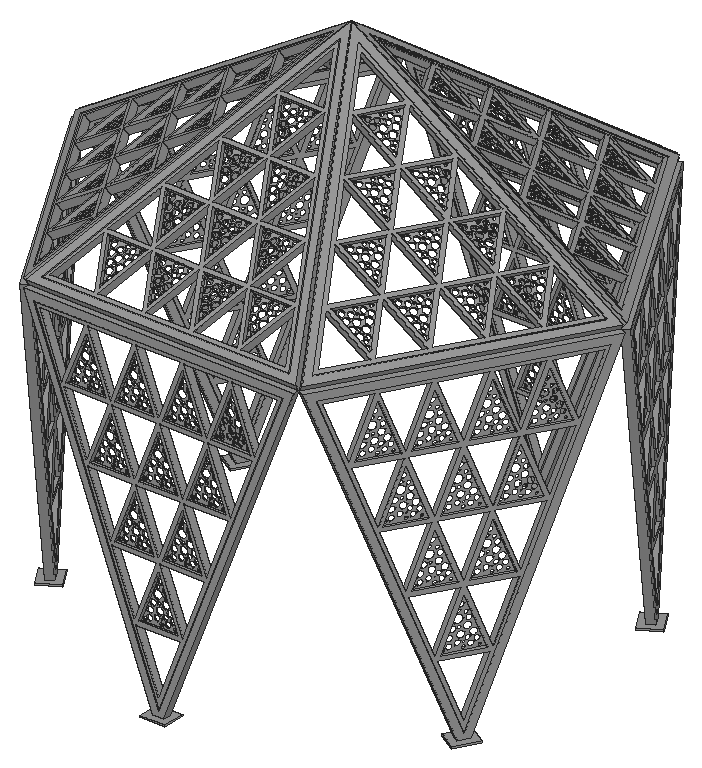
Revit family "Беседка «Трекант» Арт 19429", category Антураж, Revit 2018 (continued)
Definition of nested family "Беседка «Трекант» Арт 19429 крыша"
  Forms (mm)
    Extrusion 10, solid, material <- "Цвет каркаса"
      sketch origin (-164.191, -855.86, 1693.288) x (0, 0.804646, 0.593754) y (-1, 0, 0)
        loop
          circle (1659.082, -2069.694) r 15
        loop
          circle (1716.711, -1994.96) r 21.813
        loop
          circle (1754.375, -2030.151) r 25
        loop
          circle (1748.83, -2101.255) r 25
        loop
          circle (1710.282, -2030.899) r 12.691
        loop
          circle (1770.593, -1975.034) r 22.784
        loop
          circle (1835.028, -1931.616) r 12.596
        loop
          circle (1818.501, -1962.579) r 20
        loop
          circle (1802.493, -2012.537) r 20
        loop
          circle (1779.434, -2069.723) r 17.591
        loop
          circle (1791.786, -2124.011) r 20
        loop
          circle (1817.637, -2088.064) r 20
        loop
          circle (1837, -2138.165) r 12.84
        loop
          circle (1833.791, -2046.738) r 15
        loop
          circle (1801.855, -2048.234) r 8.413
      from -24 to -26
    Extrusion 11, solid, material <- "Цвет каркаса"
      sketch origin (-651.935, -1142.716, 1481.614) x (0, 0.804646, 0.593754) y (-1, 0, 0)
        loop
          line (1851.4, -1906.623) -> (1555.037, -2041.748) -> (1851.4, -2176.872) -> (1851.4, -1906.623)
        loop
          circle (1634.449, -2047.623) r 15
        loop
          circle (1599.07, -2041.349) r 15
        loop
          circle (1669.361, -2021.315) r 25
        loop
          circle (1705.915, -2070.139) r 25
        loop
          circle (1659.082, -2069.694) r 15
        loop
          circle (1716.711, -1994.96) r 21.813
        loop
          circle (1754.375, -2030.151) r 25
        loop
          circle (1748.83, -2101.255) r 25
        loop
          circle (1710.282, -2030.899) r 12.691
        loop
          circle (1770.593, -1975.034) r 22.784
        loop
          circle (1835.028, -1931.616) r 12.596
        loop
          circle (1818.501, -1962.579) r 20
        loop
          circle (1802.493, -2012.537) r 20
        loop
          circle (1779.434, -2069.723) r 17.591
        loop
          circle (1791.786, -2124.011) r 20
        loop
          circle (1817.637, -2088.064) r 20
        loop
          circle (1837, -2138.165) r 12.84
        loop
          circle (1833.791, -2046.738) r 15
        loop
          circle (1801.855, -2048.234) r 8.413
      from -24 to -26
    Extrusion 12, solid, material <- "Цвет каркаса"
      sketch origin (-326.735, -1142.716, 1481.614) x (0, 0.804646, 0.593754) y (-1, 0, 0)
        loop
          line (1851.4, -1906.623) -> (1555.037, -2041.748) -> (1851.4, -2176.872) -> (1851.4, -1906.623)
        loop
          circle (1634.449, -2047.623) r 15
        loop
          circle (1599.07, -2041.349) r 15
        loop
          circle (1669.361, -2021.315) r 25
        loop
          circle (1705.915, -2070.139) r 25
        loop
          circle (1659.082, -2069.694) r 15
        loop
          circle (1716.711, -1994.96) r 21.813
        loop
          circle (1754.375, -2030.151) r 25
        loop
          circle (1748.83, -2101.255) r 25
        loop
          circle (1710.282, -2030.899) r 12.691
        loop
          circle (1770.593, -1975.034) r 22.784
        loop
          circle (1835.028, -1931.616) r 12.596
        loop
          circle (1818.501, -1962.579) r 20
        loop
          circle (1802.493, -2012.537) r 20
        loop
          circle (1779.434, -2069.723) r 17.591
        loop
          circle (1791.786, -2124.011) r 20
        loop
          circle (1817.637, -2088.064) r 20
        loop
          circle (1837, -2138.165) r 12.84
        loop
          circle (1833.791, -2046.738) r 15
        loop
          circle (1801.855, -2048.234) r 8.413
      from -24 to -26
    Extrusion 13, solid, material <- "Цвет каркаса"
      sketch origin (-1.647, -1142.716, 1481.614) x (0, 0.804646, 0.593754) y (-1, 0, 0)
        loop
          line (1851.4, -1906.623) -> (1555.037, -2041.748) -> (1851.4, -2176.872) -> (1851.4, -1906.623)
        loop
          circle (1634.449, -2047.623) r 15
        loop
          circle (1599.07, -2041.349) r 15
        loop
          circle (1669.361, -2021.315) r 25
        loop
          circle (1705.915, -2070.139) r 25
        loop
          circle (1659.082, -2069.694) r 15
        loop
          circle (1716.711, -1994.96) r 21.813
        loop
          circle (1754.375, -2030.151) r 25
        loop
          circle (1748.83, -2101.255) r 25
        loop
          circle (1710.282, -2030.899) r 12.691
        loop
          circle (1770.593, -1975.034) r 22.784
        loop
          circle (1835.028, -1931.616) r 12.596
        loop
          circle (1818.501, -1962.579) r 20
        loop
          circle (1802.493, -2012.537) r 20
        loop
          circle (1779.434, -2069.723) r 17.591
        loop
          circle (1791.786, -2124.011) r 20
        loop
          circle (1817.637, -2088.064) r 20
        loop
          circle (1837, -2138.165) r 12.84
        loop
          circle (1833.791, -2046.738) r 15
        loop
          circle (1801.855, -2048.234) r 8.413
      from -24 to -26
    Extrusion 14, solid, material <- "Цвет каркаса"
      sketch origin (323.553, -1142.716, 1481.614) x (0, 0.804646, 0.593754) y (-1, 0, 0)
        loop
          line (1851.4, -1906.623) -> (1555.037, -2041.748) -> (1851.4, -2176.872) -> (1851.4, -1906.623)
        loop
          circle (1634.449, -2047.623) r 15
        loop
          circle (1599.07, -2041.349) r 15
        loop
          circle (1669.361, -2021.315) r 25
        loop
          circle (1705.915, -2070.139) r 25
        loop
          circle (1659.082, -2069.694) r 15
        loop
          circle (1716.711, -1994.96) r 21.813
        loop
          circle (1754.375, -2030.151) r 25
        loop
          circle (1748.83, -2101.255) r 25
        loop
          circle (1710.282, -2030.899) r 12.691
        loop
          circle (1770.593, -1975.034) r 22.784
        loop
          circle (1835.028, -1931.616) r 12.596
        loop
          circle (1818.501, -1962.579) r 20
        loop
          circle (1802.493, -2012.537) r 20
        loop
          circle (1779.434, -2069.723) r 17.591
        loop
          circle (1791.786, -2124.011) r 20
        loop
          circle (1817.637, -2088.064) r 20
        loop
          circle (1837, -2138.165) r 12.84
        loop
          circle (1833.791, -2046.738) r 15
        loop
          circle (1801.855, -2048.234) r 8.413
      from -24 to -26
    Extrusion 15, solid, material <- "Цвет каркаса"
      sketch origin (160.896, -855.86, 1693.288) x (0, 0.804646, 0.593754) y (-1, 0, 0)
        loop
          line (1851.4, -1906.623) -> (1555.037, -2041.748) -> (1851.4, -2176.872) -> (1851.4, -1906.623)
        loop
          circle (1634.449, -2047.623) r 15
        loop
          circle (1599.07, -2041.349) r 15
        loop
          circle (1669.361, -2021.315) r 25
        loop
          circle (1705.915, -2070.139) r 25
        loop
          circle (1659.082, -2069.694) r 15
        loop
          circle (1716.711, -1994.96) r 21.813
        loop
          circle (1754.375, -2030.151) r 25
        loop
          circle (1748.83, -2101.255) r 25
        loop
          circle (1710.282, -2030.899) r 12.691
        loop
          circle (1770.593, -1975.034) r 22.784
        loop
          circle (1835.028, -1931.616) r 12.596
        loop
          circle (1818.501, -1962.579) r 20
        loop
          circle (1802.493, -2012.537) r 20
        loop
          circle (1779.434, -2069.723) r 17.591
        loop
          circle (1791.786, -2124.011) r 20
        loop
          circle (1817.637, -2088.064) r 20
        loop
          circle (1837, -2138.165) r 12.84
        loop
          circle (1833.791, -2046.738) r 15
        loop
          circle (1801.855, -2048.234) r 8.413
      from -24 to -26
    Extrusion 16, solid, material <- "Цвет каркаса", not visible
      sketch origin (0, 0, 0) x (0, 1, 0) y (0, 0, 1)
        loop
          line (19.917, 2339.53) -> (50.001, 2299.59) -> (1669.688, 3494.768) -> (1640, 3535) -> (19.917, 2339.53)
      from 959.5 to 2795.5
    Extrusion 17, void, not visible
      sketch origin (0, -12.14, 2315.875) x (0, -0.804646, -0.593754) y (-1, 0, 0)
        loop
          line (-2053.249, -1877.5) -> (-39.84, -959.5) -> (-2053.249, -959.5) -> (-2053.249, -1877.5)
      from 0 to 60
    Extrusion 18, void, not visible
      sketch origin (3755, -12.14, 2315.875) x (0, -0.804646, -0.593754) y (-1, 0, 0)
        loop
          line (-2053.249, 1877.5) -> (-2053.249, 959.5) -> (-39.84, 959.5) -> (-2053.249, 1877.5)
      from 0 to 60
    Extrusion 19, void, not visible
      sketch origin (0, -12.14, 2315.875) x (0, -0.804646, -0.593754) y (-1, 0, 0)
        loop
          line (-89.84, -1037.249) -> (-1932.726, -1877.5) -> (-89.84, -2717.751) -> (-89.84, -1037.249)
      from 0 to 250
    Extrusion 20, solid, material <- "Цвет отделки", not visible
      sketch origin (0, -12.14, 2315.875) x (0, 0.804646, 0.593754) y (-1, 0, 0)
        loop
          line (114.84, -1076.124) -> (114.84, -1378.414) -> (446.34, -1227.269) -> (114.84, -1076.124)
        loop
          line (1872.464, -1877.5) -> (1540.84, -1726.298) -> (1540.84, -2028.702) -> (1872.464, -1877.5)
        loop
          line (114.84, -2678.876) -> (446.34, -2527.731) -> (114.84, -2376.586) -> (114.84, -2678.876)
        loop
          line (89.84, -1037.249) -> (89.84, -2717.751) -> (1932.726, -1877.5) -> (89.84, -1037.249)
        loop
          line (446.34, -1254.745) -> (149.977, -1389.869) -> (446.34, -1524.993) -> (446.34, -1254.745)
        loop
          line (1159.34, -1579.832) -> (862.977, -1714.956) -> (1159.34, -1850.081) -> (1159.34, -1579.832)
        loop
          line (1515.84, -1742.376) -> (1219.477, -1877.5) -> (1515.84, -2012.624) -> (1515.84, -1742.376)
        loop
          line (802.84, -1417.288) -> (506.477, -1552.413) -> (802.84, -1687.537) -> (802.84, -1417.288)
        loop
          line (471.34, -1238.667) -> (471.34, -1540.957) -> (802.84, -1389.812) -> (471.34, -1238.667)
        loop
          line (827.84, -1401.211) -> (827.84, -1703.501) -> (1159.34, -1552.356) -> (827.84, -1401.211)
        loop
          line (1184.34, -1563.755) -> (1184.34, -1866.045) -> (1515.84, -1714.9) -> (1184.34, -1563.755)
        loop
          line (1515.84, -2040.1) -> (1184.34, -1888.955) -> (1184.34, -2191.245) -> (1515.84, -2040.1)
        loop
          line (802.84, -2365.188) -> (471.34, -2214.043) -> (471.34, -2516.333) -> (802.84, -2365.188)
        loop
          line (1159.34, -2202.644) -> (827.84, -2051.499) -> (827.84, -2353.789) -> (1159.34, -2202.644)
        loop
          line (827.84, -1726.412) -> (827.84, -2028.588) -> (1159.216, -1877.5) -> (827.84, -1726.412)
        loop
          line (1159.34, -1904.919) -> (862.977, -2040.044) -> (1159.34, -2175.168) -> (1159.34, -1904.919)
        loop
          line (802.84, -2040.1) -> (471.34, -1888.955) -> (471.34, -2191.245) -> (802.84, -2040.1)
        loop
          line (471.34, -1563.868) -> (471.34, -1866.045) -> (802.716, -1714.956) -> (471.34, -1563.868)
        loop
          line (802.84, -1742.376) -> (506.477, -1877.5) -> (802.84, -2012.624) -> (802.84, -1742.376)
        loop
          line (802.84, -2067.463) -> (506.477, -2202.587) -> (802.84, -2337.712) -> (802.84, -2067.463)
        loop
          line (446.34, -2202.644) -> (114.84, -2051.499) -> (114.84, -2353.789) -> (446.34, -2202.644)
        loop
          line (446.34, -1877.557) -> (114.84, -1726.412) -> (114.84, -2028.702) -> (446.34, -1877.557)
        loop
          line (114.84, -1401.324) -> (114.84, -1703.501) -> (446.216, -1552.413) -> (114.84, -1401.324)
        loop
          line (446.34, -1579.832) -> (149.977, -1714.956) -> (446.34, -1850.081) -> (446.34, -1579.832)
        loop
          line (446.34, -1904.919) -> (149.977, -2040.044) -> (446.34, -2175.168) -> (446.34, -1904.919)
        loop
          line (446.34, -2230.007) -> (149.977, -2365.131) -> (446.34, -2500.255) -> (446.34, -2230.007)
      from 0 to -50
    Extrusion 21, solid, material <- "Цвет каркаса", not visible
      sketch origin (-164.248, -282.147, 2116.634) x (0, 0.804646, 0.593754) y (-1, 0, 0)
        loop
          line (1851.4, -1906.623) -> (1555.037, -2041.748) -> (1851.4, -2176.872) -> (1851.4, -1906.623)
        loop
          circle (1634.449, -2047.623) r 15
        loop
          circle (1599.07, -2041.349) r 15
        loop
          circle (1669.361, -2021.315) r 25
        loop
          circle (1705.915, -2070.139) r 25
        loop
          circle (1659.082, -2069.694) r 15
        loop
          circle (1716.711, -1994.96) r 21.813
        loop
          circle (1754.375, -2030.151) r 25
        loop
          circle (1748.83, -2101.255) r 25
        loop
          circle (1710.282, -2030.899) r 12.691
        loop
          circle (1770.593, -1975.034) r 22.784
        loop
          circle (1835.028, -1931.616) r 12.596
        loop
          circle (1818.501, -1962.579) r 20
        loop
          circle (1802.493, -2012.537) r 20
        loop
          circle (1779.434, -2069.723) r 17.591
        loop
          circle (1791.786, -2124.011) r 20
        loop
          circle (1817.637, -2088.064) r 20
        loop
          circle (1837, -2138.165) r 12.84
        loop
          circle (1833.791, -2046.738) r 15
        loop
          circle (1801.855, -2048.234) r 8.413
      from -24 to -26
    Extrusion 22, solid, material <- "Цвет каркаса", not visible
      sketch origin (-326.848, -569.004, 1904.961) x (0, 0.804646, 0.593754) y (-1, 0, 0)
        loop
          line (1851.4, -1906.623) -> (1555.037, -2041.748) -> (1851.4, -2176.872) -> (1851.4, -1906.623)
        loop
          circle (1634.449, -2047.623) r 15
        loop
          circle (1599.07, -2041.349) r 15
        loop
          circle (1669.361, -2021.315) r 25
        loop
          circle (1705.915, -2070.139) r 25
        loop
          circle (1659.082, -2069.694) r 15
        loop
          circle (1716.711, -1994.96) r 21.813
        loop
          circle (1754.375, -2030.151) r 25
        loop
          circle (1748.83, -2101.255) r 25
        loop
          circle (1710.282, -2030.899) r 12.691
        loop
          circle (1770.593, -1975.034) r 22.784
        loop
          circle (1835.028, -1931.616) r 12.596
        loop
          circle (1818.501, -1962.579) r 20
        loop
          circle (1802.493, -2012.537) r 20
        loop
          circle (1779.434, -2069.723) r 17.591
        loop
          circle (1791.786, -2124.011) r 20
        loop
          circle (1817.637, -2088.064) r 20
        loop
          circle (1837, -2138.165) r 12.84
        loop
          circle (1833.791, -2046.738) r 15
        loop
          circle (1801.855, -2048.234) r 8.413
      from -24 to -26
    Extrusion 23, solid, material <- "Цвет каркаса", not visible
      sketch origin (-1.647, -569.004, 1904.961) x (0, 0.804646, 0.593754) y (-1, 0, 0)
        loop
          line (1851.4, -1906.623) -> (1555.037, -2041.748) -> (1851.4, -2176.872) -> (1851.4, -1906.623)
        loop
          circle (1634.449, -2047.623) r 15
        loop
          circle (1599.07, -2041.349) r 15
        loop
          circle (1669.361, -2021.315) r 25
        loop
          circle (1705.915, -2070.139) r 25
        loop
          circle (1659.082, -2069.694) r 15
        loop
          circle (1716.711, -1994.96) r 21.813
        loop
          circle (1754.375, -2030.151) r 25
        loop
          circle (1748.83, -2101.255) r 25
        loop
          circle (1710.282, -2030.899) r 12.691
        loop
          circle (1770.593, -1975.034) r 22.784
        loop
          circle (1835.028, -1931.616) r 12.596
        loop
          circle (1818.501, -1962.579) r 20
        loop
          circle (1802.493, -2012.537) r 20
        loop
          circle (1779.434, -2069.723) r 17.591
        loop
          circle (1791.786, -2124.011) r 20
        loop
          circle (1817.637, -2088.064) r 20
        loop
          circle (1837, -2138.165) r 12.84
        loop
          circle (1833.791, -2046.738) r 15
        loop
          circle (1801.855, -2048.234) r 8.413
      from -24 to -26
    Extrusion 24, solid, material <- "Цвет каркаса", not visible
      sketch origin (-489.392, -855.86, 1693.288) x (0, 0.804646, 0.593754) y (-1, 0, 0)
        loop
          line (1851.4, -1906.623) -> (1555.037, -2041.748) -> (1851.4, -2176.872) -> (1851.4, -1906.623)
        loop
          circle (1634.449, -2047.623) r 15
        loop
          circle (1599.07, -2041.349) r 15
        loop
          circle (1669.361, -2021.315) r 25
        loop
          circle (1705.915, -2070.139) r 25
        loop
          circle (1659.082, -2069.694) r 15
        loop
          circle (1716.711, -1994.96) r 21.813
        loop
          circle (1754.375, -2030.151) r 25
        loop
          circle (1748.83, -2101.255) r 25
        loop
          circle (1710.282, -2030.899) r 12.691
        loop
          circle (1770.593, -1975.034) r 22.784
        loop
          circle (1835.028, -1931.616) r 12.596
        loop
          circle (1818.501, -1962.579) r 20
        loop
          circle (1802.493, -2012.537) r 20
        loop
          circle (1779.434, -2069.723) r 17.591
        loop
          circle (1791.786, -2124.011) r 20
        loop
          circle (1817.637, -2088.064) r 20
        loop
          circle (1837, -2138.165) r 12.84
        loop
          circle (1833.791, -2046.738) r 15
        loop
          circle (1801.855, -2048.234) r 8.413
      from -24 to -26
    Extrusion 25, solid, material <- "Цвет каркаса", not visible
      sketch origin (-164.191, -855.86, 1693.288) x (0, 0.804646, 0.593754) y (-1, 0, 0)
        loop
          line (1851.4, -1906.623) -> (1555.037, -2041.748) -> (1851.4, -2176.872) -> (1851.4, -1906.623)
        loop
          circle (1634.449, -2047.623) r 15
        loop
          circle (1599.07, -2041.349) r 15
        loop
          circle (1669.361, -2021.315) r 25
        loop
          circle (1705.915, -2070.139) r 25
        loop
          circle (1659.082, -2069.694) r 15
        loop
          circle (1716.711, -1994.96) r 21.813
        loop
          circle (1754.375, -2030.151) r 25
        loop
          circle (1748.83, -2101.255) r 25
        loop
          circle (1710.282, -2030.899) r 12.691
        loop
          circle (1770.593, -1975.034) r 22.784
        loop
          circle (1835.028, -1931.616) r 12.596
        loop
          circle (1818.501, -1962.579) r 20
        loop
          circle (1802.493, -2012.537) r 20
        loop
          circle (1779.434, -2069.723) r 17.591
        loop
          circle (1791.786, -2124.011) r 20
        loop
          circle (1817.637, -2088.064) r 20
        loop
          circle (1837, -2138.165) r 12.84
        loop
          circle (1833.791, -2046.738) r 15
        loop
          circle (1801.855, -2048.234) r 8.413
      from -24 to -26
    Extrusion 26, solid, material <- "Цвет каркаса", not visible
      sketch origin (-651.935, -1142.716, 1481.614) x (0, 0.804646, 0.593754) y (-1, 0, 0)
        loop
          line (1851.4, -1906.623) -> (1555.037, -2041.748) -> (1851.4, -2176.872) -> (1851.4, -1906.623)
        loop
          circle (1634.449, -2047.623) r 15
        loop
          circle (1599.07, -2041.349) r 15
        loop
          circle (1669.361, -2021.315) r 25
        loop
          circle (1705.915, -2070.139) r 25
        loop
          circle (1659.082, -2069.694) r 15
        loop
          circle (1716.711, -1994.96) r 21.813
        loop
          circle (1754.375, -2030.151) r 25
        loop
          circle (1748.83, -2101.255) r 25
        loop
          circle (1710.282, -2030.899) r 12.691
        loop
          circle (1770.593, -1975.034) r 22.784
        loop
          circle (1835.028, -1931.616) r 12.596
        loop
          circle (1818.501, -1962.579) r 20
        loop
          circle (1802.493, -2012.537) r 20
        loop
          circle (1779.434, -2069.723) r 17.591
        loop
          circle (1791.786, -2124.011) r 20
        loop
          circle (1817.637, -2088.064) r 20
        loop
          circle (1837, -2138.165) r 12.84
        loop
          circle (1833.791, -2046.738) r 15
        loop
          circle (1801.855, -2048.234) r 8.413
      from -24 to -26
    Extrusion 27, solid, material <- "Цвет каркаса", not visible
      sketch origin (-326.735, -1142.716, 1481.614) x (0, 0.804646, 0.593754) y (-1, 0, 0)
        loop
          line (1851.4, -1906.623) -> (1555.037, -2041.748) -> (1851.4, -2176.872) -> (1851.4, -1906.623)
        loop
          circle (1634.449, -2047.623) r 15
        loop
          circle (1599.07, -2041.349) r 15
        loop
          circle (1669.361, -2021.315) r 25
        loop
          circle (1705.915, -2070.139) r 25
        loop
          circle (1659.082, -2069.694) r 15
        loop
          circle (1716.711, -1994.96) r 21.813
        loop
          circle (1754.375, -2030.151) r 25
        loop
          circle (1748.83, -2101.255) r 25
        loop
          circle (1710.282, -2030.899) r 12.691
        loop
          circle (1770.593, -1975.034) r 22.784
        loop
          circle (1835.028, -1931.616) r 12.596
        loop
          circle (1818.501, -1962.579) r 20
        loop
          circle (1802.493, -2012.537) r 20
        loop
          circle (1779.434, -2069.723) r 17.591
        loop
          circle (1791.786, -2124.011) r 20
        loop
          circle (1817.637, -2088.064) r 20
        loop
          circle (1837, -2138.165) r 12.84
        loop
          circle (1833.791, -2046.738) r 15
        loop
          circle (1801.855, -2048.234) r 8.413
      from -24 to -26
    Extrusion 28, solid, material <- "Цвет каркаса", not visible
      sketch origin (-1.647, -1142.716, 1481.614) x (0, 0.804646, 0.593754) y (-1, 0, 0)
        loop
          line (1851.4, -1906.623) -> (1555.037, -2041.748) -> (1851.4, -2176.872) -> (1851.4, -1906.623)
        loop
          circle (1634.449, -2047.623) r 15
        loop
          circle (1599.07, -2041.349) r 15
        loop
          circle (1669.361, -2021.315) r 25
        loop
          circle (1705.915, -2070.139) r 25
        loop
          circle (1659.082, -2069.694) r 15
        loop
          circle (1716.711, -1994.96) r 21.813
        loop
          circle (1754.375, -2030.151) r 25
        loop
          circle (1748.83, -2101.255) r 25
        loop
          circle (1710.282, -2030.899) r 12.691
        loop
          circle (1770.593, -1975.034) r 22.784
        loop
          circle (1835.028, -1931.616) r 12.596
        loop
          circle (1818.501, -1962.579) r 20
        loop
          circle (1802.493, -2012.537) r 20
        loop
          circle (1779.434, -2069.723) r 17.591
        loop
          circle (1791.786, -2124.011) r 20
        loop
          circle (1817.637, -2088.064) r 20
        loop
          circle (1837, -2138.165) r 12.84
        loop
          circle (1833.791, -2046.738) r 15
        loop
          circle (1801.855, -2048.234) r 8.413
      from -24 to -26
    Extrusion 29, solid, material <- "Цвет каркаса", not visible
      sketch origin (323.553, -1142.716, 1481.614) x (0, 0.804646, 0.593754) y (-1, 0, 0)
        loop
          line (1851.4, -1906.623) -> (1555.037, -2041.748) -> (1851.4, -2176.872) -> (1851.4, -1906.623)
        loop
          circle (1634.449, -2047.623) r 15
        loop
          circle (1599.07, -2041.349) r 15
        loop
          circle (1669.361, -2021.315) r 25
        loop
          circle (1705.915, -2070.139) r 25
        loop
          circle (1659.082, -2069.694) r 15
        loop
          circle (1716.711, -1994.96) r 21.813
        loop
          circle (1754.375, -2030.151) r 25
        loop
          circle (1748.83, -2101.255) r 25
        loop
          circle (1710.282, -2030.899) r 12.691
        loop
          circle (1770.593, -1975.034) r 22.784
        loop
          circle (1835.028, -1931.616) r 12.596
        loop
          circle (1818.501, -1962.579) r 20
        loop
          circle (1802.493, -2012.537) r 20
        loop
          circle (1779.434, -2069.723) r 17.591
        loop
          circle (1791.786, -2124.011) r 20
        loop
          circle (1817.637, -2088.064) r 20
        loop
          circle (1837, -2138.165) r 12.84
        loop
          circle (1833.791, -2046.738) r 15
        loop
          circle (1801.855, -2048.234) r 8.413
      from -24 to -26
    Extrusion 30, solid, material <- "Цвет каркаса", not visible
      sketch origin (160.896, -855.86, 1693.288) x (0, 0.804646, 0.593754) y (-1, 0, 0)
        loop
          line (1851.4, -1906.623) -> (1555.037, -2041.748) -> (1851.4, -2176.872) -> (1851.4, -1906.623)
        loop
          circle (1634.449, -2047.623) r 15
        loop
          circle (1599.07, -2041.349) r 15
        loop
          circle (1669.361, -2021.315) r 25
        loop
          circle (1705.915, -2070.139) r 25
        loop
          circle (1659.082, -2069.694) r 15
        loop
          circle (1716.711, -1994.96) r 21.813
        loop
          circle (1754.375, -2030.151) r 25
        loop
          circle (1748.83, -2101.255) r 25
        loop
          circle (1710.282, -2030.899) r 12.691
        loop
          circle (1770.593, -1975.034) r 22.784
        loop
          circle (1835.028, -1931.616) r 12.596
        loop
          circle (1818.501, -1962.579) r 20
        loop
          circle (1802.493, -2012.537) r 20
        loop
          circle (1779.434, -2069.723) r 17.591
        loop
          circle (1791.786, -2124.011) r 20
        loop
          circle (1817.637, -2088.064) r 20
        loop
          circle (1837, -2138.165) r 12.84
        loop
          circle (1833.791, -2046.738) r 15
        loop
          circle (1801.855, -2048.234) r 8.413
      from -24 to -26
  Cuts and joins
    Extrusion 2, Extrusion 3, Extrusion 4 cuts Extrusion 1
  Dimensions and locks
    "Ширина": plane 3 "По центру (Влево/Вправо)" to plane 5
    "Длина": plane 1 "По центру (Вперед/Назад)" to plane 4
    plane 6 to plane 2 = 3535 mm
    Extrusion 5 sketch curve to Extrusion 5 sketch curve to Extrusion 5 sketch curve to Extrusion 5 sketch curve to Extrusion 5 sketch curve to Extrusion 5 sketch curve to Extrusion 5 sketch curve to Extrusion 5 sketch curve to Extrusion 5 sketch curve to Extrusion 5 sketch curve = 331.624 mm, 25 mm locked, 331.5 mm, 25 mm locked, 331.5 mm, 25 mm locked, 331.5 mm, 25 mm locked, 331.5 mm
    Extrusion 20 sketch curve to Extrusion 20 sketch curve to Extrusion 20 sketch curve to Extrusion 20 sketch curve to Extrusion 20 sketch curve to Extrusion 20 sketch curve to Extrusion 20 sketch curve to Extrusion 20 sketch curve to Extrusion 20 sketch curve to Extrusion 20 sketch curve = 331.624 mm, 25 mm locked, 331.5 mm, 25 mm locked, 331.5 mm, 25 mm locked, 331.5 mm, 25 mm locked, 331.5 mm
    aligned and locked: level to plane 2
  Automatic sketch dimensions
    Extrusion 2 sketch curve to Extrusion 1 = 0 mm  (x3)
    Extrusion 2 sketch curve to Extrusion 1 = 918 mm
    Extrusion 3 sketch curve to Extrusion 1 = 0 mm  (x2)
    Extrusion 1 to Extrusion 3 sketch curve = 0 mm
    Extrusion 3 sketch curve to Extrusion 1 = 918 mm
    Extrusion 1 to Extrusion 4 sketch curve = 120.524 mm
    Extrusion 1 to Extrusion 4 sketch curve = 50 mm
    Extrusion 4 sketch curve to Extrusion 1 = 77.749 mm  (x2)
    Extrusion 4 sketch curve to Extrusion 1 = 918 mm
    Extrusion 5 sketch curve to Extrusion 1 = 50 mm
    Extrusion 5 sketch curve to Extrusion 1 = 75 mm  (x2)
    Extrusion 5 sketch curve to Extrusion 5 sketch curve = 0 mm  (x17)
    Extrusion 5 sketch curve to Extrusion 5 sketch curve = 35.138 mm  (x10)
    Extrusion 5 sketch curve to Extrusion 5 sketch curve = 296.238 mm
    Extrusion 5 sketch curve to Extrusion 5 sketch curve = 0.124 mm  (x4)
    Extrusion 5 sketch curve to Extrusion 5 sketch curve = 25 mm  (x7)
    Extrusion 5 sketch curve to Extrusion 5 sketch curve = 25.124 mm
    Extrusion 5 sketch curve to Extrusion 5 sketch curve = 60.262 mm
    Extrusion 1 to Extrusion 5 sketch curve = 77.749 mm
    Extrusion 5 sketch curve to Extrusion 5 sketch curve = 38.875 mm  (x2)
    Extrusion 1 to Extrusion 5 sketch curve = 267.769 mm
    Extrusion 5 sketch curve to Extrusion 5 sketch curve = 11.399 mm  (x5)
    Extrusion 5 sketch curve to Extrusion 5 sketch curve = 27.476 mm  (x10)
    Extrusion 5 sketch curve to Extrusion 5 sketch curve = 302.29 mm  (x3)
    Extrusion 5 sketch curve to Extrusion 5 sketch curve = 151.145 mm  (x3)
    Extrusion 5 sketch curve to Extrusion 5 sketch curve = 11.455 mm  (x10)
    Extrusion 5 sketch curve to Extrusion 5 sketch curve = 22.797 mm  (x3)
    Extrusion 5 sketch curve to Extrusion 5 sketch curve = 270.249 mm  (x10)
    Extrusion 5 sketch curve to Extrusion 5 sketch curve = 15.964 mm  (x6)
    Extrusion 5 sketch curve to Extrusion 5 sketch curve = 27.363 mm  (x3)
    Extrusion 5 sketch curve to Extrusion 5 sketch curve = 22.91 mm  (x7)
    Extrusion 5 sketch curve to Extrusion 5 sketch curve = 27.419 mm  (x6)
    Extrusion 5 sketch curve to Extrusion 5 sketch curve = 151.202 mm
    Extrusion 5 sketch curve to Extrusion 5 sketch curve = 16.077 mm  (x4)
    Extrusion 5 sketch curve to Extrusion 5 sketch curve = 302.177 mm
    Extrusion 1 to Extrusion 5 sketch curve = 116.624 mm
    Extrusion 6 sketch curve to Extrusion 5 = 0 mm  (x4)
    Extrusion 5 to Extrusion 6 sketch curve = 0 mm
    Extrusion 6 sketch curve to Extrusion 6 sketch curve = 44.032 mm
    Extrusion 6 sketch curve to Extrusion 6 sketch curve = 35.379 mm
    Extrusion 6 sketch curve to Extrusion 6 sketch curve = 24.634 mm
    Extrusion 6 sketch curve to Extrusion 6 sketch curve = 34.912 mm
    Extrusion 6 sketch curve to Extrusion 6 sketch curve = 46.832 mm
    Extrusion 6 sketch curve to Extrusion 6 sketch curve = 4.368 mm
    Extrusion 6 sketch curve to Extrusion 6 sketch curve = 6.429 mm
    Extrusion 6 sketch curve to Extrusion 6 sketch curve = 42.916 mm
    Extrusion 6 sketch curve to Extrusion 6 sketch curve = 44.093 mm
    Extrusion 6 sketch curve to Extrusion 6 sketch curve = 53.882 mm
    Extrusion 6 sketch curve to Extrusion 6 sketch curve = 30.603 mm
    Extrusion 6 sketch curve to Extrusion 6 sketch curve = 42.956 mm
    Extrusion 6 sketch curve to Extrusion 6 sketch curve = 22.422 mm
    Extrusion 6 sketch curve to Extrusion 6 sketch curve = 0.638 mm
    Extrusion 5 to Extrusion 6 sketch curve = 33.762 mm
    Extrusion 5 to Extrusion 6 sketch curve = 32.899 mm
    Extrusion 5 to Extrusion 6 sketch curve = 17.608 mm
    Extrusion 5 to Extrusion 6 sketch curve = 16.371 mm
    Extrusion 5 to Extrusion 6 sketch curve = 14.4 mm
    Extrusion 6 sketch curve to Extrusion 6 sketch curve = 38.707 mm
    Extrusion 6 sketch curve to Extrusion 6 sketch curve = 14.155 mm
    Extrusion 6 sketch curve to Extrusion 6 sketch curve = 22.756 mm
    Extrusion 6 sketch curve to Extrusion 6 sketch curve = 35.947 mm
    Extrusion 6 sketch curve to Extrusion 6 sketch curve = 31.116 mm
    Extrusion 6 sketch curve to Extrusion 6 sketch curve = 18.342 mm
    Extrusion 6 sketch curve to Extrusion 6 sketch curve = 0.445 mm
    Extrusion 6 sketch curve to Extrusion 6 sketch curve = 21.489 mm
    Extrusion 6 sketch curve to Extrusion 6 sketch curve = 22.071 mm
    Extrusion 6 sketch curve to Extrusion 6 sketch curve = 1.495 mm
    Extrusion 6 sketch curve to Extrusion 6 sketch curve = 6.274 mm
    Extrusion 6 sketch curve to Extrusion 6 sketch curve = 39.24 mm
    Extrusion 6 sketch curve to Extrusion 6 sketch curve = 0.748 mm
    Extrusion 6 sketch curve to Extrusion 6 sketch curve = 9.583 mm
    Extrusion 6 sketch curve to Extrusion 6 sketch curve = 35.697 mm
    Extrusion 6 sketch curve to Extrusion 6 sketch curve = 35.938 mm
    Extrusion 6 sketch curve to Extrusion 6 sketch curve = 37.503 mm
    Extrusion 6 sketch curve to Extrusion 6 sketch curve = 12.456 mm
    Extrusion 6 sketch curve to Extrusion 6 sketch curve = 24.993 mm
    Extrusion 5 to Extrusion 7 sketch curve = 0 mm
    Extrusion 5 to Extrusion 7 sketch curve = 14.4 mm
    Extrusion 5 to Extrusion 7 sketch curve = 16.371 mm
    Extrusion 5 to Extrusion 7 sketch curve = 17.608 mm
    Extrusion 5 to Extrusion 7 sketch curve = 32.899 mm
    Extrusion 5 to Extrusion 7 sketch curve = 33.762 mm
    Extrusion 7 sketch curve to Extrusion 7 sketch curve = 31.299 mm
    Extrusion 7 sketch curve to Extrusion 7 sketch curve = 31.936 mm
    Extrusion 7 sketch curve to Extrusion 7 sketch curve = 25.851 mm
    Extrusion 7 sketch curve to Extrusion 7 sketch curve = 22.422 mm
    Extrusion 7 sketch curve to Extrusion 7 sketch curve = 31.9 mm
    Extrusion 7 sketch curve to Extrusion 7 sketch curve = 25.059 mm
    Extrusion 7 sketch curve to Extrusion 7 sketch curve = 30.603 mm
    Extrusion 7 sketch curve to Extrusion 7 sketch curve = 37.664 mm
    Extrusion 7 sketch curve to Extrusion 7 sketch curve = 6.429 mm
    Extrusion 7 sketch curve to Extrusion 7 sketch curve = 4.368 mm
    Extrusion 7 sketch curve to Extrusion 7 sketch curve = 40.922 mm
    Extrusion 7 sketch curve to Extrusion 7 sketch curve = 46.832 mm
    Extrusion 7 sketch curve to Extrusion 7 sketch curve = 24.634 mm
    Extrusion 7 sketch curve to Extrusion 7 sketch curve = 35.379 mm
    Extrusion 5 to Extrusion 7 sketch curve = 35.138 mm
    Extrusion 5 to Extrusion 7 sketch curve = 0.052 mm
    Extrusion 7 sketch curve to Extrusion 7 sketch curve = 38.707 mm
    Extrusion 7 sketch curve to Extrusion 7 sketch curve = 14.155 mm
    Extrusion 7 sketch curve to Extrusion 7 sketch curve = 22.756 mm
    Extrusion 7 sketch curve to Extrusion 7 sketch curve = 35.947 mm
    Extrusion 7 sketch curve to Extrusion 7 sketch curve = 31.116 mm
    Extrusion 7 sketch curve to Extrusion 7 sketch curve = 18.342 mm
    Extrusion 7 sketch curve to Extrusion 7 sketch curve = 0.445 mm
    Extrusion 7 sketch curve to Extrusion 7 sketch curve = 21.489 mm
    Extrusion 7 sketch curve to Extrusion 7 sketch curve = 22.071 mm
    Extrusion 7 sketch curve to Extrusion 7 sketch curve = 1.495 mm
    Extrusion 7 sketch curve to Extrusion 7 sketch curve = 5.876 mm
    Extrusion 7 sketch curve to Extrusion 7 sketch curve = 6.274 mm
    Extrusion 7 sketch curve to Extrusion 7 sketch curve = 39.24 mm
    Extrusion 7 sketch curve to Extrusion 7 sketch curve = 0.748 mm
    Extrusion 7 sketch curve to Extrusion 7 sketch curve = 9.583 mm
    Extrusion 7 sketch curve to Extrusion 7 sketch curve = 35.697 mm
    Extrusion 7 sketch curve to Extrusion 7 sketch curve = 35.938 mm
    Extrusion 7 sketch curve to Extrusion 7 sketch curve = 37.503 mm
    Extrusion 7 sketch curve to Extrusion 7 sketch curve = 12.456 mm
    Extrusion 7 sketch curve to Extrusion 7 sketch curve = 30.963 mm
    Extrusion 7 sketch curve to Extrusion 7 sketch curve = 24.993 mm
    Extrusion 5 to Extrusion 8 sketch curve = 0 mm
    Extrusion 5 to Extrusion 8 sketch curve = 14.4 mm
    Extrusion 5 to Extrusion 8 sketch curve = 16.371 mm
    Extrusion 5 to Extrusion 8 sketch curve = 17.608 mm
    Extrusion 5 to Extrusion 8 sketch curve = 32.899 mm
    Extrusion 5 to Extrusion 8 sketch curve = 33.762 mm
    Extrusion 8 sketch curve to Extrusion 8 sketch curve = 31.299 mm
    Extrusion 8 sketch curve to Extrusion 8 sketch curve = 31.936 mm
    Extrusion 8 sketch curve to Extrusion 8 sketch curve = 25.851 mm
    Extrusion 8 sketch curve to Extrusion 8 sketch curve = 22.422 mm
    Extrusion 8 sketch curve to Extrusion 8 sketch curve = 31.9 mm
    Extrusion 8 sketch curve to Extrusion 8 sketch curve = 25.059 mm
    Extrusion 8 sketch curve to Extrusion 8 sketch curve = 30.603 mm
    Extrusion 8 sketch curve to Extrusion 8 sketch curve = 37.664 mm
    Extrusion 8 sketch curve to Extrusion 8 sketch curve = 6.429 mm
    Extrusion 8 sketch curve to Extrusion 8 sketch curve = 4.368 mm
    Extrusion 8 sketch curve to Extrusion 8 sketch curve = 40.922 mm
    Extrusion 8 sketch curve to Extrusion 8 sketch curve = 46.832 mm
    Extrusion 8 sketch curve to Extrusion 8 sketch curve = 24.634 mm
    Extrusion 8 sketch curve to Extrusion 8 sketch curve = 35.379 mm
    Extrusion 5 to Extrusion 8 sketch curve = 35.138 mm
    Extrusion 8 sketch curve to Extrusion 5 = 0.052 mm
    Extrusion 8 sketch curve to Extrusion 8 sketch curve = 38.707 mm
    Extrusion 8 sketch curve to Extrusion 8 sketch curve = 14.155 mm
    Extrusion 8 sketch curve to Extrusion 8 sketch curve = 22.756 mm
    Extrusion 8 sketch curve to Extrusion 8 sketch curve = 35.947 mm
    Extrusion 8 sketch curve to Extrusion 8 sketch curve = 31.116 mm
    Extrusion 8 sketch curve to Extrusion 8 sketch curve = 18.342 mm
    Extrusion 8 sketch curve to Extrusion 8 sketch curve = 0.445 mm
    Extrusion 8 sketch curve to Extrusion 8 sketch curve = 21.489 mm
    Extrusion 8 sketch curve to Extrusion 8 sketch curve = 22.071 mm
    Extrusion 8 sketch curve to Extrusion 8 sketch curve = 1.495 mm
    Extrusion 8 sketch curve to Extrusion 8 sketch curve = 5.876 mm
    Extrusion 8 sketch curve to Extrusion 8 sketch curve = 6.274 mm
    Extrusion 8 sketch curve to Extrusion 8 sketch curve = 39.24 mm
    Extrusion 8 sketch curve to Extrusion 8 sketch curve = 0.748 mm
    Extrusion 8 sketch curve to Extrusion 8 sketch curve = 9.583 mm
    Extrusion 8 sketch curve to Extrusion 8 sketch curve = 35.697 mm
    Extrusion 8 sketch curve to Extrusion 8 sketch curve = 35.938 mm
    Extrusion 8 sketch curve to Extrusion 8 sketch curve = 37.503 mm
    Extrusion 8 sketch curve to Extrusion 8 sketch curve = 12.456 mm
    Extrusion 8 sketch curve to Extrusion 8 sketch curve = 30.963 mm
    Extrusion 8 sketch curve to Extrusion 8 sketch curve = 24.993 mm
    Extrusion 5 to Extrusion 9 sketch curve = 0 mm
    Extrusion 5 to Extrusion 9 sketch curve = 14.4 mm
    Extrusion 5 to Extrusion 9 sketch curve = 16.371 mm
    Extrusion 5 to Extrusion 9 sketch curve = 17.608 mm
    Extrusion 5 to Extrusion 9 sketch curve = 32.899 mm
    Extrusion 5 to Extrusion 9 sketch curve = 33.762 mm
    Extrusion 9 sketch curve to Extrusion 9 sketch curve = 31.299 mm
    Extrusion 9 sketch curve to Extrusion 9 sketch curve = 31.936 mm
    Extrusion 9 sketch curve to Extrusion 9 sketch curve = 25.851 mm
    Extrusion 9 sketch curve to Extrusion 9 sketch curve = 22.422 mm
    Extrusion 9 sketch curve to Extrusion 9 sketch curve = 31.9 mm
    Extrusion 9 sketch curve to Extrusion 9 sketch curve = 25.059 mm
    Extrusion 9 sketch curve to Extrusion 9 sketch curve = 30.603 mm
    Extrusion 9 sketch curve to Extrusion 9 sketch curve = 37.664 mm
    Extrusion 9 sketch curve to Extrusion 9 sketch curve = 6.429 mm
    Extrusion 9 sketch curve to Extrusion 9 sketch curve = 4.368 mm
    Extrusion 9 sketch curve to Extrusion 9 sketch curve = 40.922 mm
    Extrusion 9 sketch curve to Extrusion 9 sketch curve = 46.832 mm
    Extrusion 9 sketch curve to Extrusion 9 sketch curve = 24.634 mm
    Extrusion 9 sketch curve to Extrusion 9 sketch curve = 35.379 mm
    Extrusion 5 to Extrusion 9 sketch curve = 35.138 mm
    Extrusion 5 to Extrusion 9 sketch curve = 0.052 mm
    Extrusion 9 sketch curve to Extrusion 9 sketch curve = 38.707 mm
    Extrusion 9 sketch curve to Extrusion 9 sketch curve = 14.155 mm
    Extrusion 9 sketch curve to Extrusion 9 sketch curve = 22.756 mm
    Extrusion 9 sketch curve to Extrusion 9 sketch curve = 35.947 mm
    Extrusion 9 sketch curve to Extrusion 9 sketch curve = 31.116 mm
    Extrusion 9 sketch curve to Extrusion 9 sketch curve = 18.342 mm
    Extrusion 9 sketch curve to Extrusion 9 sketch curve = 0.445 mm
    Extrusion 9 sketch curve to Extrusion 9 sketch curve = 21.489 mm
    Extrusion 9 sketch curve to Extrusion 9 sketch curve = 22.071 mm
    Extrusion 9 sketch curve to Extrusion 9 sketch curve = 1.495 mm
    Extrusion 9 sketch curve to Extrusion 9 sketch curve = 5.876 mm
    Extrusion 9 sketch curve to Extrusion 9 sketch curve = 6.274 mm
    Extrusion 9 sketch curve to Extrusion 9 sketch curve = 39.24 mm
    Extrusion 9 sketch curve to Extrusion 9 sketch curve = 0.748 mm
    Extrusion 9 sketch curve to Extrusion 9 sketch curve = 9.583 mm
    Extrusion 9 sketch curve to Extrusion 9 sketch curve = 35.697 mm
    Extrusion 9 sketch curve to Extrusion 9 sketch curve = 35.938 mm
    Extrusion 9 sketch curve to Extrusion 9 sketch curve = 37.503 mm
    Extrusion 9 sketch curve to Extrusion 9 sketch curve = 12.456 mm
    Extrusion 9 sketch curve to Extrusion 9 sketch curve = 30.963 mm
    Extrusion 9 sketch curve to Extrusion 9 sketch curve = 24.993 mm
    Extrusion 5 to Extrusion 10 sketch curve = 0 mm
    Extrusion 5 to Extrusion 10 sketch curve = 14.4 mm
    Extrusion 5 to Extrusion 10 sketch curve = 16.371 mm
    Extrusion 5 to Extrusion 10 sketch curve = 17.608 mm
    Extrusion 5 to Extrusion 10 sketch curve = 32.899 mm
    Extrusion 5 to Extrusion 10 sketch curve = 33.762 mm
    Extrusion 10 sketch curve to Extrusion 10 sketch curve = 31.299 mm
    Extrusion 10 sketch curve to Extrusion 10 sketch curve = 31.936 mm
    Extrusion 10 sketch curve to Extrusion 10 sketch curve = 25.851 mm
    Extrusion 10 sketch curve to Extrusion 10 sketch curve = 22.422 mm
    Extrusion 10 sketch curve to Extrusion 10 sketch curve = 31.9 mm
    Extrusion 10 sketch curve to Extrusion 10 sketch curve = 25.059 mm
    Extrusion 10 sketch curve to Extrusion 10 sketch curve = 30.603 mm
    Extrusion 10 sketch curve to Extrusion 10 sketch curve = 37.664 mm
    Extrusion 10 sketch curve to Extrusion 10 sketch curve = 6.429 mm
    Extrusion 10 sketch curve to Extrusion 10 sketch curve = 4.368 mm
    Extrusion 10 sketch curve to Extrusion 10 sketch curve = 40.922 mm
    Extrusion 10 sketch curve to Extrusion 10 sketch curve = 46.832 mm
    Extrusion 10 sketch curve to Extrusion 10 sketch curve = 24.634 mm
    Extrusion 10 sketch curve to Extrusion 10 sketch curve = 35.379 mm
    Extrusion 5 to Extrusion 10 sketch curve = 35.138 mm
    Extrusion 10 sketch curve to Extrusion 5 = 0.052 mm
    Extrusion 10 sketch curve to Extrusion 10 sketch curve = 38.707 mm
    Extrusion 10 sketch curve to Extrusion 10 sketch curve = 14.155 mm
    Extrusion 10 sketch curve to Extrusion 10 sketch curve = 22.756 mm
    Extrusion 10 sketch curve to Extrusion 10 sketch curve = 35.947 mm
    Extrusion 10 sketch curve to Extrusion 10 sketch curve = 31.116 mm
    Extrusion 10 sketch curve to Extrusion 10 sketch curve = 18.342 mm
    Extrusion 10 sketch curve to Extrusion 10 sketch curve = 0.445 mm
    Extrusion 10 sketch curve to Extrusion 10 sketch curve = 21.489 mm
    Extrusion 10 sketch curve to Extrusion 10 sketch curve = 22.071 mm
    Extrusion 10 sketch curve to Extrusion 10 sketch curve = 1.495 mm
    Extrusion 10 sketch curve to Extrusion 10 sketch curve = 5.876 mm
    Extrusion 10 sketch curve to Extrusion 10 sketch curve = 6.274 mm
    Extrusion 10 sketch curve to Extrusion 10 sketch curve = 39.24 mm
    Extrusion 10 sketch curve to Extrusion 10 sketch curve = 0.748 mm
    Extrusion 10 sketch curve to Extrusion 10 sketch curve = 9.583 mm
    Extrusion 10 sketch curve to Extrusion 10 sketch curve = 35.697 mm
    Extrusion 10 sketch curve to Extrusion 10 sketch curve = 35.938 mm
    Extrusion 10 sketch curve to Extrusion 10 sketch curve = 37.503 mm
    Extrusion 10 sketch curve to Extrusion 10 sketch curve = 12.456 mm
    Extrusion 10 sketch curve to Extrusion 10 sketch curve = 30.963 mm
    Extrusion 10 sketch curve to Extrusion 10 sketch curve = 24.993 mm
    Extrusion 5 to Extrusion 11 sketch curve = 0 mm
    Extrusion 5 to Extrusion 11 sketch curve = 14.4 mm
    Extrusion 5 to Extrusion 11 sketch curve = 16.371 mm
    Extrusion 5 to Extrusion 11 sketch curve = 17.608 mm
    Extrusion 5 to Extrusion 11 sketch curve = 32.899 mm
    Extrusion 5 to Extrusion 11 sketch curve = 33.762 mm
    Extrusion 11 sketch curve to Extrusion 11 sketch curve = 31.299 mm
    Extrusion 11 sketch curve to Extrusion 11 sketch curve = 31.936 mm
    Extrusion 11 sketch curve to Extrusion 11 sketch curve = 25.851 mm
    Extrusion 11 sketch curve to Extrusion 11 sketch curve = 22.422 mm
    Extrusion 11 sketch curve to Extrusion 11 sketch curve = 31.9 mm
    Extrusion 11 sketch curve to Extrusion 11 sketch curve = 25.059 mm
    Extrusion 11 sketch curve to Extrusion 11 sketch curve = 30.603 mm
    Extrusion 11 sketch curve to Extrusion 11 sketch curve = 37.664 mm
    Extrusion 11 sketch curve to Extrusion 11 sketch curve = 6.429 mm
    Extrusion 11 sketch curve to Extrusion 11 sketch curve = 4.368 mm
    Extrusion 11 sketch curve to Extrusion 11 sketch curve = 40.922 mm
    Extrusion 11 sketch curve to Extrusion 11 sketch curve = 46.832 mm
    Extrusion 11 sketch curve to Extrusion 11 sketch curve = 24.634 mm
    Extrusion 11 sketch curve to Extrusion 11 sketch curve = 35.379 mm
    Extrusion 5 to Extrusion 11 sketch curve = 35.138 mm
    Extrusion 5 to Extrusion 11 sketch curve = 0.052 mm
    Extrusion 11 sketch curve to Extrusion 11 sketch curve = 38.707 mm
    Extrusion 11 sketch curve to Extrusion 11 sketch curve = 14.155 mm
    Extrusion 11 sketch curve to Extrusion 11 sketch curve = 22.756 mm
    Extrusion 11 sketch curve to Extrusion 11 sketch curve = 35.947 mm
    Extrusion 11 sketch curve to Extrusion 11 sketch curve = 31.116 mm
    Extrusion 11 sketch curve to Extrusion 11 sketch curve = 18.342 mm
    Extrusion 11 sketch curve to Extrusion 11 sketch curve = 0.445 mm
    Extrusion 11 sketch curve to Extrusion 11 sketch curve = 21.489 mm
    Extrusion 11 sketch curve to Extrusion 11 sketch curve = 22.071 mm
    Extrusion 11 sketch curve to Extrusion 11 sketch curve = 1.495 mm
    Extrusion 11 sketch curve to Extrusion 11 sketch curve = 5.876 mm
    Extrusion 11 sketch curve to Extrusion 11 sketch curve = 6.274 mm
    Extrusion 11 sketch curve to Extrusion 11 sketch curve = 39.24 mm
    Extrusion 11 sketch curve to Extrusion 11 sketch curve = 0.748 mm
    Extrusion 11 sketch curve to Extrusion 11 sketch curve = 9.583 mm
    Extrusion 11 sketch curve to Extrusion 11 sketch curve = 35.697 mm
    Extrusion 11 sketch curve to Extrusion 11 sketch curve = 35.938 mm
    Extrusion 11 sketch curve to Extrusion 11 sketch curve = 37.503 mm
    Extrusion 11 sketch curve to Extrusion 11 sketch curve = 12.456 mm
    Extrusion 11 sketch curve to Extrusion 11 sketch curve = 30.963 mm
    Extrusion 11 sketch curve to Extrusion 11 sketch curve = 24.993 mm
    Extrusion 5 to Extrusion 12 sketch curve = 0 mm
    Extrusion 5 to Extrusion 12 sketch curve = 14.4 mm
    Extrusion 5 to Extrusion 12 sketch curve = 16.371 mm
    Extrusion 5 to Extrusion 12 sketch curve = 17.608 mm
    Extrusion 5 to Extrusion 12 sketch curve = 32.899 mm
    Extrusion 5 to Extrusion 12 sketch curve = 33.762 mm
    Extrusion 12 sketch curve to Extrusion 12 sketch curve = 31.299 mm
    Extrusion 12 sketch curve to Extrusion 12 sketch curve = 31.936 mm
    Extrusion 12 sketch curve to Extrusion 12 sketch curve = 25.851 mm
    Extrusion 12 sketch curve to Extrusion 12 sketch curve = 22.422 mm
    Extrusion 12 sketch curve to Extrusion 12 sketch curve = 31.9 mm
    Extrusion 12 sketch curve to Extrusion 12 sketch curve = 25.059 mm
    Extrusion 12 sketch curve to Extrusion 12 sketch curve = 30.603 mm
    Extrusion 12 sketch curve to Extrusion 12 sketch curve = 37.664 mm
    Extrusion 12 sketch curve to Extrusion 12 sketch curve = 6.429 mm
    Extrusion 12 sketch curve to Extrusion 12 sketch curve = 4.368 mm
    Extrusion 12 sketch curve to Extrusion 12 sketch curve = 40.922 mm
    Extrusion 12 sketch curve to Extrusion 12 sketch curve = 46.832 mm
    Extrusion 12 sketch curve to Extrusion 12 sketch curve = 24.634 mm
    Extrusion 12 sketch curve to Extrusion 12 sketch curve = 35.379 mm
    Extrusion 5 to Extrusion 12 sketch curve = 35.138 mm
    Extrusion 12 sketch curve to Extrusion 5 = 0.052 mm
    Extrusion 12 sketch curve to Extrusion 12 sketch curve = 38.707 mm
    Extrusion 12 sketch curve to Extrusion 12 sketch curve = 14.155 mm
    Extrusion 12 sketch curve to Extrusion 12 sketch curve = 22.756 mm
    Extrusion 12 sketch curve to Extrusion 12 sketch curve = 35.947 mm
    Extrusion 12 sketch curve to Extrusion 12 sketch curve = 31.116 mm
    Extrusion 12 sketch curve to Extrusion 12 sketch curve = 18.342 mm
    Extrusion 12 sketch curve to Extrusion 12 sketch curve = 0.445 mm
    Extrusion 12 sketch curve to Extrusion 12 sketch curve = 21.489 mm
    Extrusion 12 sketch curve to Extrusion 12 sketch curve = 22.071 mm
    Extrusion 12 sketch curve to Extrusion 12 sketch curve = 1.495 mm
    Extrusion 12 sketch curve to Extrusion 12 sketch curve = 5.876 mm
    Extrusion 12 sketch curve to Extrusion 12 sketch curve = 6.274 mm
    Extrusion 12 sketch curve to Extrusion 12 sketch curve = 39.24 mm
    Extrusion 12 sketch curve to Extrusion 12 sketch curve = 0.748 mm
    Extrusion 12 sketch curve to Extrusion 12 sketch curve = 9.583 mm
    Extrusion 12 sketch curve to Extrusion 12 sketch curve = 35.697 mm
    Extrusion 12 sketch curve to Extrusion 12 sketch curve = 35.938 mm
    Extrusion 12 sketch curve to Extrusion 12 sketch curve = 37.503 mm
    Extrusion 12 sketch curve to Extrusion 12 sketch curve = 12.456 mm
    Extrusion 12 sketch curve to Extrusion 12 sketch curve = 30.963 mm
    Extrusion 12 sketch curve to Extrusion 12 sketch curve = 24.993 mm
    Extrusion 5 to Extrusion 13 sketch curve = 0 mm
    Extrusion 5 to Extrusion 13 sketch curve = 14.4 mm
    Extrusion 5 to Extrusion 13 sketch curve = 16.371 mm
    Extrusion 5 to Extrusion 13 sketch curve = 17.608 mm
    Extrusion 5 to Extrusion 13 sketch curve = 32.899 mm
    Extrusion 5 to Extrusion 13 sketch curve = 33.762 mm
    Extrusion 13 sketch curve to Extrusion 13 sketch curve = 31.299 mm
    Extrusion 13 sketch curve to Extrusion 13 sketch curve = 31.936 mm
    Extrusion 13 sketch curve to Extrusion 13 sketch curve = 25.851 mm
    Extrusion 13 sketch curve to Extrusion 13 sketch curve = 22.422 mm
    Extrusion 13 sketch curve to Extrusion 13 sketch curve = 31.9 mm
    Extrusion 13 sketch curve to Extrusion 13 sketch curve = 25.059 mm
    Extrusion 13 sketch curve to Extrusion 13 sketch curve = 30.603 mm
    Extrusion 13 sketch curve to Extrusion 13 sketch curve = 37.664 mm
    Extrusion 13 sketch curve to Extrusion 13 sketch curve = 6.429 mm
    Extrusion 13 sketch curve to Extrusion 13 sketch curve = 4.368 mm
    Extrusion 13 sketch curve to Extrusion 13 sketch curve = 40.922 mm
    Extrusion 13 sketch curve to Extrusion 13 sketch curve = 46.832 mm
    Extrusion 13 sketch curve to Extrusion 13 sketch curve = 24.634 mm
    Extrusion 13 sketch curve to Extrusion 13 sketch curve = 35.379 mm
    Extrusion 5 to Extrusion 13 sketch curve = 35.138 mm
    Extrusion 13 sketch curve to Extrusion 5 = 0.052 mm
    Extrusion 13 sketch curve to Extrusion 13 sketch curve = 38.707 mm
    Extrusion 13 sketch curve to Extrusion 13 sketch curve = 14.155 mm
    Extrusion 13 sketch curve to Extrusion 13 sketch curve = 22.756 mm
    Extrusion 13 sketch curve to Extrusion 13 sketch curve = 35.947 mm
    Extrusion 13 sketch curve to Extrusion 13 sketch curve = 31.116 mm
    Extrusion 13 sketch curve to Extrusion 13 sketch curve = 18.342 mm
    Extrusion 13 sketch curve to Extrusion 13 sketch curve = 0.445 mm
    Extrusion 13 sketch curve to Extrusion 13 sketch curve = 21.489 mm
    Extrusion 13 sketch curve to Extrusion 13 sketch curve = 22.071 mm
    Extrusion 13 sketch curve to Extrusion 13 sketch curve = 1.495 mm
    Extrusion 13 sketch curve to Extrusion 13 sketch curve = 5.876 mm
    Extrusion 13 sketch curve to Extrusion 13 sketch curve = 6.274 mm
    Extrusion 13 sketch curve to Extrusion 13 sketch curve = 39.24 mm
    Extrusion 13 sketch curve to Extrusion 13 sketch curve = 0.748 mm
    Extrusion 13 sketch curve to Extrusion 13 sketch curve = 9.583 mm
    Extrusion 13 sketch curve to Extrusion 13 sketch curve = 35.697 mm
    Extrusion 13 sketch curve to Extrusion 13 sketch curve = 35.938 mm
    Extrusion 13 sketch curve to Extrusion 13 sketch curve = 37.503 mm
    Extrusion 13 sketch curve to Extrusion 13 sketch curve = 12.456 mm
    Extrusion 13 sketch curve to Extrusion 13 sketch curve = 30.963 mm
    Extrusion 13 sketch curve to Extrusion 13 sketch curve = 24.993 mm
    Extrusion 5 to Extrusion 14 sketch curve = 0 mm
    Extrusion 5 to Extrusion 14 sketch curve = 14.4 mm
    Extrusion 5 to Extrusion 14 sketch curve = 16.371 mm
    Extrusion 5 to Extrusion 14 sketch curve = 17.608 mm
    Extrusion 5 to Extrusion 14 sketch curve = 32.899 mm
    Extrusion 5 to Extrusion 14 sketch curve = 33.762 mm
    Extrusion 14 sketch curve to Extrusion 14 sketch curve = 31.299 mm
    Extrusion 14 sketch curve to Extrusion 14 sketch curve = 31.936 mm
    Extrusion 14 sketch curve to Extrusion 14 sketch curve = 25.851 mm
    Extrusion 14 sketch curve to Extrusion 14 sketch curve = 22.422 mm
    Extrusion 14 sketch curve to Extrusion 14 sketch curve = 31.9 mm
    Extrusion 14 sketch curve to Extrusion 14 sketch curve = 25.059 mm
    Extrusion 14 sketch curve to Extrusion 14 sketch curve = 30.603 mm
    Extrusion 14 sketch curve to Extrusion 14 sketch curve = 37.664 mm
    Extrusion 14 sketch curve to Extrusion 14 sketch curve = 6.429 mm
    Extrusion 14 sketch curve to Extrusion 14 sketch curve = 4.368 mm
    Extrusion 14 sketch curve to Extrusion 14 sketch curve = 40.922 mm
    Extrusion 14 sketch curve to Extrusion 14 sketch curve = 46.832 mm
    Extrusion 14 sketch curve to Extrusion 14 sketch curve = 24.634 mm
    Extrusion 14 sketch curve to Extrusion 14 sketch curve = 35.379 mm
    Extrusion 5 to Extrusion 14 sketch curve = 35.138 mm
    Extrusion 14 sketch curve to Extrusion 5 = 0.155 mm
    Extrusion 14 sketch curve to Extrusion 14 sketch curve = 38.707 mm
    Extrusion 14 sketch curve to Extrusion 14 sketch curve = 14.155 mm
    Extrusion 14 sketch curve to Extrusion 14 sketch curve = 22.756 mm
    Extrusion 14 sketch curve to Extrusion 14 sketch curve = 35.947 mm
    Extrusion 14 sketch curve to Extrusion 14 sketch curve = 31.116 mm
    Extrusion 14 sketch curve to Extrusion 14 sketch curve = 18.342 mm
    Extrusion 14 sketch curve to Extrusion 14 sketch curve = 0.445 mm
    Extrusion 14 sketch curve to Extrusion 14 sketch curve = 21.489 mm
    Extrusion 14 sketch curve to Extrusion 14 sketch curve = 22.071 mm
    Extrusion 14 sketch curve to Extrusion 14 sketch curve = 1.495 mm
    Extrusion 14 sketch curve to Extrusion 14 sketch curve = 5.876 mm
    Extrusion 14 sketch curve to Extrusion 14 sketch curve = 6.274 mm
    Extrusion 14 sketch curve to Extrusion 14 sketch curve = 39.24 mm
    Extrusion 14 sketch curve to Extrusion 14 sketch curve = 0.748 mm
    Extrusion 14 sketch curve to Extrusion 14 sketch curve = 9.583 mm
    Extrusion 14 sketch curve to Extrusion 14 sketch curve = 35.697 mm
    Extrusion 14 sketch curve to Extrusion 14 sketch curve = 35.938 mm
    Extrusion 14 sketch curve to Extrusion 14 sketch curve = 37.503 mm
    Extrusion 14 sketch curve to Extrusion 14 sketch curve = 12.456 mm
    Extrusion 14 sketch curve to Extrusion 14 sketch curve = 30.963 mm
    Extrusion 14 sketch curve to Extrusion 14 sketch curve = 24.993 mm
    Extrusion 5 to Extrusion 15 sketch curve = 0 mm
    Extrusion 5 to Extrusion 15 sketch curve = 14.4 mm
    Extrusion 5 to Extrusion 15 sketch curve = 16.371 mm
    Extrusion 5 to Extrusion 15 sketch curve = 17.608 mm
    Extrusion 5 to Extrusion 15 sketch curve = 32.899 mm
    Extrusion 5 to Extrusion 15 sketch curve = 33.762 mm
    Extrusion 15 sketch curve to Extrusion 15 sketch curve = 31.299 mm
    Extrusion 15 sketch curve to Extrusion 15 sketch curve = 31.936 mm
    Extrusion 15 sketch curve to Extrusion 15 sketch curve = 25.851 mm
    Extrusion 15 sketch curve to Extrusion 15 sketch curve = 22.422 mm
    Extrusion 15 sketch curve to Extrusion 15 sketch curve = 31.9 mm
    Extrusion 15 sketch curve to Extrusion 15 sketch curve = 25.059 mm
    Extrusion 15 sketch curve to Extrusion 15 sketch curve = 30.603 mm
    Extrusion 15 sketch curve to Extrusion 15 sketch curve = 37.664 mm
    Extrusion 15 sketch curve to Extrusion 15 sketch curve = 6.429 mm
    Extrusion 15 sketch curve to Extrusion 15 sketch curve = 4.368 mm
    Extrusion 15 sketch curve to Extrusion 15 sketch curve = 40.922 mm
    Extrusion 15 sketch curve to Extrusion 15 sketch curve = 46.832 mm
    Extrusion 15 sketch curve to Extrusion 15 sketch curve = 24.634 mm
    Extrusion 15 sketch curve to Extrusion 15 sketch curve = 35.379 mm
    Extrusion 5 to Extrusion 15 sketch curve = 35.138 mm
    Extrusion 15 sketch curve to Extrusion 5 = 0.052 mm
    Extrusion 15 sketch curve to Extrusion 15 sketch curve = 38.707 mm
    Extrusion 15 sketch curve to Extrusion 15 sketch curve = 14.155 mm
    Extrusion 15 sketch curve to Extrusion 15 sketch curve = 22.756 mm
    Extrusion 15 sketch curve to Extrusion 15 sketch curve = 35.947 mm
    Extrusion 15 sketch curve to Extrusion 15 sketch curve = 31.116 mm
    Extrusion 15 sketch curve to Extrusion 15 sketch curve = 18.342 mm
    Extrusion 15 sketch curve to Extrusion 15 sketch curve = 0.445 mm
    Extrusion 15 sketch curve to Extrusion 15 sketch curve = 21.489 mm
    Extrusion 15 sketch curve to Extrusion 15 sketch curve = 22.071 mm
    Extrusion 15 sketch curve to Extrusion 15 sketch curve = 1.495 mm
    Extrusion 15 sketch curve to Extrusion 15 sketch curve = 5.876 mm
    Extrusion 15 sketch curve to Extrusion 15 sketch curve = 6.274 mm
    Extrusion 15 sketch curve to Extrusion 15 sketch curve = 39.24 mm
    Extrusion 15 sketch curve to Extrusion 15 sketch curve = 0.748 mm
    Extrusion 15 sketch curve to Extrusion 15 sketch curve = 9.583 mm
    Extrusion 15 sketch curve to Extrusion 15 sketch curve = 35.697 mm
    Extrusion 15 sketch curve to Extrusion 15 sketch curve = 35.938 mm
    Extrusion 15 sketch curve to Extrusion 15 sketch curve = 37.503 mm
    Extrusion 15 sketch curve to Extrusion 15 sketch curve = 12.456 mm
    Extrusion 15 sketch curve to Extrusion 15 sketch curve = 30.963 mm
    Extrusion 15 sketch curve to Extrusion 15 sketch curve = 24.993 mm
    Extrusion 1 sketch curve to Extrusion 1 sketch curve = 30.084 mm
    Extrusion 1 sketch curve to Extrusion 1 sketch curve = 1620.083 mm
    Extrusion 1 sketch curve to Extrusion 1 sketch curve = 29.688 mm
    Extrusion 1 sketch curve to Extrusion 1 sketch curve = 39.94 mm
    Extrusion 17 sketch curve to Extrusion 16 = 0 mm  (x3)
    Extrusion 17 sketch curve to Extrusion 16 = 918 mm
    Extrusion 18 sketch curve to Extrusion 16 = 0 mm  (x2)
    Extrusion 16 to Extrusion 18 sketch curve = 0 mm
    Extrusion 18 sketch curve to Extrusion 16 = 918 mm
    Extrusion 16 to Extrusion 19 sketch curve = 120.524 mm
    Extrusion 16 to Extrusion 19 sketch curve = 50 mm
    Extrusion 19 sketch curve to Extrusion 16 = 77.749 mm  (x2)
    Extrusion 19 sketch curve to Extrusion 16 = 918 mm
    Extrusion 20 sketch curve to Extrusion 16 = 50 mm
    Extrusion 20 sketch curve to Extrusion 16 = 75 mm  (x2)
    Extrusion 20 sketch curve to Extrusion 20 sketch curve = 0 mm  (x17)
    Extrusion 20 sketch curve to Extrusion 20 sketch curve = 35.138 mm  (x10)
    Extrusion 20 sketch curve to Extrusion 20 sketch curve = 296.238 mm
    Extrusion 20 sketch curve to Extrusion 20 sketch curve = 0.124 mm  (x4)
    Extrusion 20 sketch curve to Extrusion 20 sketch curve = 25 mm  (x7)
    Extrusion 20 sketch curve to Extrusion 20 sketch curve = 25.124 mm
    Extrusion 20 sketch curve to Extrusion 20 sketch curve = 60.262 mm
    Extrusion 16 to Extrusion 20 sketch curve = 77.749 mm
    Extrusion 20 sketch curve to Extrusion 20 sketch curve = 38.875 mm  (x2)
    Extrusion 16 to Extrusion 20 sketch curve = 267.769 mm
    Extrusion 20 sketch curve to Extrusion 20 sketch curve = 11.399 mm  (x5)
    Extrusion 20 sketch curve to Extrusion 20 sketch curve = 27.476 mm  (x10)
    Extrusion 20 sketch curve to Extrusion 20 sketch curve = 302.29 mm  (x3)
    Extrusion 20 sketch curve to Extrusion 20 sketch curve = 151.145 mm  (x3)
    Extrusion 20 sketch curve to Extrusion 20 sketch curve = 11.455 mm  (x10)
